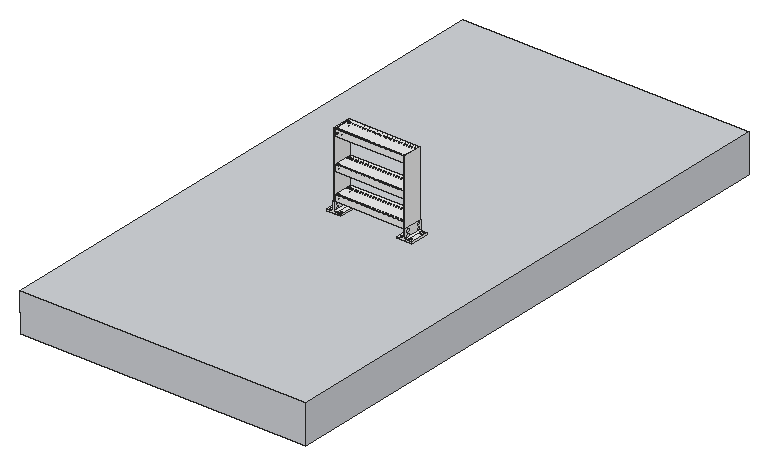
Revit family
Parameters (values of type "24" Projection")
  Warranty = "http://www.alllite-louvers.com/catalog/All-Lite-Warranty.pdf"
  URL = "http://www.alllite-louvers.com"
  Support Height = Projection - 5" + 1 1/32"  # 20 1/32"
  Strut/Shroud = Extruded Aluminum
  Strut = no
  Specifications = "http://www.alllite-louvers.com/catalog/ssr-645-csi%20specification.doc"
  SmartBIM Object Version = 3  # constant formula
  SmartBIM Object Created By = "Reed Construction Data"  # constant formula
  Shroud = no
  Projection = 24"
  Product URL = "http://www.alllite-louvers.com/catalog.php?model=SSR-645"
  Outrigger Spacing = 24"
  Outrigger Material = Extruded Aluminum
  Outrigger = "6” high x 0.250” thick plate with flat front."  # constant formula
  Mounting Bracket = "Exposed."  # constant formula
  Model Number = "SSR-645"  # constant formula
  Model = ""
  Minimum Size = "12\""
  Maximum Size - Single Section = "96\""
  Maximum Size - Multiple Section = "Unlimited"  # constant formula
  Material = "Mill finish 6063-T5 extruded aluminum."  # constant formula
  Manufacturer = "All-Lite"  # constant formula
  Fascia Material = Extruded Aluminum
  Fascia = "6” x 2” x 0.125” thick rectangular tube."  # constant formula
  Exposed Mounting Bracket = yes
  Default Elevation = 48"
  Cut Sheet = "http://www.alllite-louvers.com/catalog/SSR645.pdf"
  Concealed Mounting Bracket = not(Exposed Mounting Bracket)  # no
  Blades = "0.125” thick rectangular tube style."  # constant formula
  Blade Material = Extruded Aluminum
  Assembly Code = "B2010400"
  A = 45.00°
  95 CSI = "10700"  # constant formula
  04 CSI = "10 71 13"  # constant formula
Types (5): name | Support Height | Projection | Outrigger Spacing
  24" Projection | 20 1/32" | 24" | 24"
  36" Projection | 32 1/32" | 36" | 36"
  42" Projection | 38 1/32" | 42" | 42"
  48" Projection | 44 1/32" | 48" | 48"
  60" Projection | 56 1/32" | 60" | 60"
Reference planes (in)
  plane 1 "Center (Front/Back)": y = 0
  plane 2: z = 0
  plane 3 "Center (Left/Right)": x = 36
  plane 4: z = 24
  plane 5: x = 24
  plane 6: x = 48
  plane 7: x = 47.75
  plane 8: z = 19
Forms (in)
  Extrusion 1, solid
    sketch origin (0, 0, 0) x (1, 0, 0) y (0, 1, 0)
      loop
        line (-11.05284, 94.58626) -> (-11.05284, -79.70833) -> (79.04536, -79.70833) -> (79.04536, 94.58626) -> (-11.05284, 94.58626)
    from 0 to -12
Dimensions and locks (in)
  equal spacing: plane 5, plane 3 "Center (Left/Right)", plane 6
  "Outrigger Spacing": plane 5 to plane 6
  "Projection": plane 4 to level
  locked: plane 6 to plane 7 at 0.25
  locked: plane 4 to plane 8 at 5
  aligned and locked: Extrusion 1 to plane 2
  aligned and locked: level to Extrusion 1
  aligned and locked: plane 3 "Center (Left/Right)" to nested 1
  aligned and locked: nested 1 to plane 1 "Center (Front/Back)"
Automatic sketch dimensions
  Extrusion 1 sketch curve to Extrusion 1 sketch curve = 90.0982"
  Extrusion 1 sketch curve to Extrusion 1 sketch curve = 174.29459"
Nested families (in)
  nested 1: "Outrigger-With-Blades" at (36, 0, 0) x (0, 1, 0) z (0, 0, 1), type "Outrigger-With-Blades"
    with Sturt no
Definition of nested family "Outrigger-With-Blades"
  Parameters (values of type "Outrigger-With-Blades")
    Support Height = Projection - 5" + 1 1/32"  # 20 1/32"
    Support = Extruded Aluminum
    Sturt = yes
    Shroud = no
    Projection = 24"
    Outrigger Thickness = 1"
    Outrigger Spacing = 24"
    Outrigger Material = Extruded Aluminum
    Outrigger Hight = 4"
    Facia Material = Extruded Aluminum
    Exposed Mounting Bracket = yes
    Concealed Mounting Bracket = no
    Blade Material = Extruded Aluminum
    Assembly Code = ""
    #Of Blades = (Projection / 7 205/256") - 1  # 2
  Reference planes (in)
    plane 1 "Center (Front/Back)": y = 0
    plane 2: z = 0
    plane 3 "Center (Left/Right)": x = 0
    plane 4: z = 24
    plane 5: y = 12
    plane 6: y = -12
    plane 7: y = 11
    plane 8: y = -11
    plane 9: z = 14
    plane 10: x = 2
    plane 11: z = 11.5
    plane 12: y = 11.25
    plane 13: y = -11
    plane 14: y = -11.25
    plane 15: z = 22
  Forms (in)
    Extrusion 1, solid, material "Extruded Aluminum" <- "Outrigger Material"
      sketch origin (-26.08204, 12, 48) x (-1, 0, 0) y (0, 0, 1)
        loop
          line (-25.08204, -24) -> (-31.08204, -24) -> (-31.08204, -44.5) -> (-25.08204, -44.5) -> (-25.08204, -24)
      from -1 to -0.75
    Extrusion 2, solid, material "Extruded Aluminum" <- "Outrigger Material"
      sketch origin (-26.08204, -12, 48) x (-1, 0, 0) y (0, 0, -1)
        loop
          line (-25.08204, 24) -> (-25.08204, 44.5) -> (-31.08204, 44.5) -> (-31.08204, 24) -> (-25.08204, 24)
      from -0.75 to -1
  Dimensions and locks (in)
    "Projection": plane 4 to level
    equal spacing: plane 6, plane 1 "Center (Front/Back)", plane 5
    "Outrigger Spacing": plane 6 to plane 5
    "Outrigger Thickness": plane 5 to plane 7
    "Outrigger Thickness": plane 6 to plane 8
    plane 3 "Center (Left/Right)" to plane 10 = 2"
    equal spacing: Extrusion 2, plane 10, Extrusion 2
    locked: plane 12 to plane 7 at 0.25
    locked: plane 14 to plane 13 at 0.25
    locked: plane 11 to nested 1 at 8
    group 1 to group 2 = 0"  (x2)
    group 1 to group 2 = 8 1/2"
    locked: plane 15 to plane 9 at 8
    locked: plane 4 to plane 9 at 10
    nested 5 to nested 7 = 5"
    aligned and locked: nested 1 to plane 10
    aligned and locked: Extrusion 2 sketch curve to plane 4
    aligned and locked: plane 4 to Extrusion 1 sketch curve
    aligned and locked: plane 10 to nested 2
    aligned and locked: Extrusion 1 to plane 7
    aligned and locked: plane 12 to Extrusion 1
    aligned and locked: Extrusion 2 to plane 13
    aligned and locked: Extrusion 2 to plane 14
    aligned and locked: nested 2 to level
    aligned and locked: plane 7 to nested 2
    aligned and locked: plane 1 "Center (Front/Back)" to nested 1
    aligned and locked: level to nested 3
    aligned and locked: plane 13 to nested 3
    aligned and locked: nested 1 to Extrusion 2
    aligned and locked: plane 13 to plane 8
    aligned and locked: nested 5 to level
    aligned and locked: nested 5 to plane 3 "Center (Left/Right)"
    aligned and locked: plane 14 to nested 5
    aligned and locked: nested 6 to plane 12
    aligned and locked: level to nested 6
    aligned and locked: nested 6 to nested 5
    aligned and locked: nested 8 to nested 7
    aligned and locked: plane 12 to nested 8
    aligned and locked: plane 14 to nested 7
    aligned and locked: nested 8 to level
    aligned and locked: level to nested 7
    aligned and locked: plane 9 to nested 9
    aligned and locked: nested 9 to plane 10
    aligned and locked: plane 1 "Center (Front/Back)" to nested 9
    aligned and locked: plane 1 "Center (Front/Back)" to nested 4
    aligned and locked: plane 4 to nested 4
    aligned and locked: nested 4 to plane 10
    aligned and locked: Extrusion 2 sketch curve to Extrusion 1
  Automatic sketch dimensions
    level to Extrusion 1 sketch curve = 3 1/2"
    Extrusion 2 sketch curve to level = 3 1/2"
    Extrusion 1 sketch curve to plane 10 = 3"
    Extrusion 1 sketch curve to plane 3 "Center (Left/Right)" = 1"
    plane 3 "Center (Left/Right)" to Extrusion 2 sketch curve = 1"
  Nested families (in)
    nested 1: "Blade" at (-1, 0, 3.5), type "Blade"
    nested 2: "Bracket" at (2, 11.08568, 0) x (0, -1, 0) z (0, 0, 1), type "Bracket"
    nested 3: "Bracket" at (2, -11.08568, 0) x (0, 1, 0) z (0, 0, 1), type "Bracket"
    nested 4: "Blade" at (-1, 0, 22), type "Facia"
    nested 5: "Support" at (0.5, -11.87966, 0) x (0, -1, 0) z (0, 0, 1), type "Shroud Connection"
    nested 6: "Support" at (0.5, 11.87966, 0) x (0, 1, 0) z (0, 0, 1), type "Shroud Connection"
    nested 7: "Support" at (4.5, -11.75466, 0) x (0, -1, 0) z (0, 0, 1), type "Shroud Connection 2"
    nested 8: "Support" at (4.5, 11.87966, 0) x (0, 1, 0) z (0, 0, 1), type "Shroud Connection 2"
    nested 9: "Blade" at (-1, 0, 12), type "Blade"
  Definition of nested family "Blade"
    Parameters (values of type "Blade")
      Outrigger Thickness = 1"
      Outrigger Spacing = 24"
      Blade Material = Extruded Aluminum
      Assembly Code = ""
    Types (2): name
      Blade
      Facia
    Reference planes (in)
      plane 1 "Center (Front/Back)": y = 0
      plane 2: z = 0
      plane 3 "Center (Left/Right)": x = 0
      plane 4: y = -12
      plane 5: y = 12
      plane 6: y = 11
      plane 7: y = -11
      plane 8: x = 6
      plane 9: x = 3
      plane 10: z = 1
      plane 11: z = 2
    Forms (in)
      Extrusion 1, solid, material "Extruded Aluminum" <- "Blade Material"
        sketch origin (0, 0, 2) x (-0.707107, 0, -0.707107) y (0.707107, 0, -0.707107)
          loop
            line (-2.82843, 5.65685) -> (-4.24264, 4.24264) -> (0, 0) -> (1.41421, 1.41421) -> (-2.82843, 5.65685)
          loop
            line (-4.04806, 4.22484) -> (-3.54004, 3.71682)
            arc (-3.54004, 3.71682) -> (-3.52636, 3.91882) -> (-3.34017, 3.99838) r 0.19379
            arc (-3.34017, 3.99838) -> (-3.32021, 3.94412) -> (-3.35493, 3.89789) r 0.06047
            arc (-3.35493, 3.89789) -> (-3.45492, 3.8384) -> (-3.4171, 3.72838) r 0.09222
            arc (-3.4171, 3.72838) -> (-3.32265, 3.72654) -> (-3.27614, 3.80875) r 0.09222
            arc (-3.27614, 3.80875) -> (-3.22653, 3.86068) -> (-3.1746, 3.81107) r 0.05078
            arc (-3.1746, 3.81107) -> (-3.26609, 3.64203) -> (-3.45817, 3.63495) r 0.19379
            line (-3.45817, 3.63495) -> (-0.49064, 0.66742)
            arc (-0.49064, 0.66742) -> (-0.47696, 0.86942) -> (-0.29078, 0.94898) r 0.19379
            arc (-0.29078, 0.94898) -> (-0.27081, 0.89472) -> (-0.30553, 0.8485) r 0.06047
            arc (-0.30553, 0.8485) -> (-0.40552, 0.78901) -> (-0.3677, 0.67898) r 0.09222
            arc (-0.3677, 0.67898) -> (-0.27326, 0.67714) -> (-0.22674, 0.75936) r 0.09222
            arc (-0.22674, 0.75936) -> (-0.17713, 0.81128) -> (-0.1252, 0.76167) r 0.05078
            arc (-0.1252, 0.76167) -> (-0.21669, 0.59263) -> (-0.40877, 0.58555) r 0.19379
            line (-0.40877, 0.58555) -> (0, 0.17678) -> (1.23744, 1.41421) -> (0.82867, 1.82298)
            arc (0.82867, 1.82298) -> (0.82158, 1.63091) -> (0.65254, 1.53941) r 0.19379
            arc (0.65254, 1.53941) -> (0.60293, 1.59134) -> (0.65486, 1.64095) r 0.05078
            arc (0.65486, 1.64095) -> (0.73708, 1.68747) -> (0.73524, 1.78192) r 0.09222
            arc (0.73524, 1.78192) -> (0.62521, 1.81973) -> (0.56572, 1.71975) r 0.09222
            arc (0.56572, 1.71975) -> (0.51949, 1.68503) -> (0.46523, 1.70499) r 0.06047
            arc (0.46523, 1.70499) -> (0.54479, 1.89117) -> (0.74679, 1.90486) r 0.19379
            line (0.74679, 1.90486) -> (-2.22073, 4.87238)
            arc (-2.22073, 4.87238) -> (-2.22782, 4.6803) -> (-2.39685, 4.58881) r 0.19379
            arc (-2.39685, 4.58881) -> (-2.44647, 4.64074) -> (-2.39454, 4.69035) r 0.05078
            arc (-2.39454, 4.69035) -> (-2.31232, 4.73687) -> (-2.31416, 4.83131) r 0.09222
            arc (-2.31416, 4.83131) -> (-2.42419, 4.86913) -> (-2.48368, 4.76915) r 0.09222
            arc (-2.48368, 4.76915) -> (-2.52991, 4.73442) -> (-2.58417, 4.75439) r 0.06047
            arc (-2.58417, 4.75439) -> (-2.50461, 4.94057) -> (-2.3026, 4.95425) r 0.19379
            line (-2.3026, 4.95425) -> (-2.81062, 5.46227) -> (-4.04806, 4.22484)
        from -11 to 11
    Dimensions and locks (in)
      equal spacing: plane 4, plane 1 "Center (Front/Back)", plane 5
      "Outrigger Spacing": plane 5 to plane 4
      "Outrigger Thickness": plane 5 to plane 6
      "Outrigger Thickness": plane 4 to plane 7
      equal spacing: plane 11, plane 10, plane 2
      plane 11 to plane 2 = 2"
      equal spacing: plane 8, plane 9, plane 3 "Center (Left/Right)"
      plane 8 to plane 3 "Center (Left/Right)" = 6"
      aligned and locked: plane 7 to Extrusion 1
      aligned and locked: plane 6 to Extrusion 1
      aligned and locked: plane 8 to Extrusion 1
      aligned: Extrusion 1 to plane 11
    Automatic sketch dimensions
      Extrusion 1 sketch curve to Extrusion 1 sketch curve = 0"  (x81)
      Extrusion 1 sketch curve to Extrusion 1 sketch curve = 0.01781"  (x2)
      Extrusion 1 sketch curve to Extrusion 1 sketch curve = 0.36398"
      Extrusion 1 sketch curve to Extrusion 1 sketch curve = 13/256"  (x3)
      Extrusion 1 sketch curve to Extrusion 1 sketch curve = 0.06404"
      Extrusion 1 sketch curve to Extrusion 1 sketch curve = 0.01476"  (x2)
      Extrusion 1 sketch curve to Extrusion 1 sketch curve = 0.0134"
      Extrusion 1 sketch curve to Extrusion 1 sketch curve = 0.03987"  (x2)
      Extrusion 1 sketch curve to Extrusion 1 sketch curve = 0.04877"  (x2)
      Extrusion 1 sketch curve to Extrusion 1 sketch curve = 0.04107"  (x2)
      Extrusion 1 sketch curve to Extrusion 1 sketch curve = 0.08187"  (x4)
      Extrusion 1 sketch curve to Extrusion 1 sketch curve = 0.50802"
      Extrusion 1 sketch curve to Extrusion 1 sketch curve = 0.19458"
      Extrusion 1 sketch curve to Extrusion 1 sketch curve = 0.22646"
      Extrusion 1 sketch curve to Extrusion 1 sketch curve = 0.04547"  (x2)
      Extrusion 1 sketch curve to Extrusion 1 sketch curve = 0.05501"  (x2)
      Extrusion 1 sketch curve to Extrusion 1 sketch curve = 0.08683"  (x2)
      Extrusion 1 sketch curve to Extrusion 1 sketch curve = 0.00116"  (x2)
      Extrusion 1 sketch curve to Extrusion 1 sketch curve = 0.0021"
      Extrusion 1 sketch curve to Extrusion 1 sketch curve = 0.07828"  (x2)
      Extrusion 1 sketch curve to Extrusion 1 sketch curve = 0.01156"  (x2)
      Extrusion 1 sketch curve to Extrusion 1 sketch curve = 0.09343"  (x4)
      Extrusion 1 sketch curve to Extrusion 1 sketch curve = 2.68396"
      Extrusion 1 sketch curve to Extrusion 1 sketch curve = 0.03706"
      Extrusion 1 sketch curve to Extrusion 1 sketch curve = 0.02511"
      Extrusion 1 sketch curve to Extrusion 1 sketch curve = 0.0922"
      Extrusion 1 sketch curve to Extrusion 1 sketch curve = 0.40877"  (x2)
      Extrusion 1 sketch curve to Extrusion 1 sketch curve = 0.94898"
      Extrusion 1 sketch curve to Extrusion 1 sketch curve = 0.09124"
      Extrusion 1 sketch curve to Extrusion 1 sketch curve = 0.17678"  (x2)
      Extrusion 1 sketch curve to Extrusion 1 sketch curve = 0.28357"
      Extrusion 1 sketch curve to Extrusion 1 sketch curve = 0.6077"
      Extrusion 1 sketch curve to Extrusion 1 sketch curve = 0.36544"
      Extrusion 1 sketch curve to level = 0"  (x2)
      Extrusion 1 sketch curve to plane 3 "Center (Left/Right)" = 0"
  Definition of nested family "Bracket"
    Parameters (values of type "Bracket")
      Mounting Bracket = Extruded Aluminum
      Exposed Mounting Bracket = yes
      Concealed Mounting Bracket = no
      Assembly Code = ""
    Reference planes (in)
      plane 1 "Center (Front/Back)": y = 0
      plane 2: z = 0
      plane 3 "Center (Left/Right)": x = 0
      plane 4: x = 0.25
      plane 5: x = -0.25
      plane 6: y = 3
      plane 7: y = -3
      plane 8: x = 0.08568
    Forms (in)
      Extrusion 1, solid, material "Extruded Aluminum" <- "Mounting Bracket", visible <- "Exposed Mounting Bracket"
        sketch origin (0, -3, 0) x (1, 0, 0) y (0, 0, -1)
          loop
            line (2.25, 0) -> (-2.25, 0) -> (-2.25, -0.5) -> (-0.00282, -0.5) -> (2.25, -0.5) -> (2.25, 0)
        from 0 to 6
      Extrusion 2, solid, material "Extruded Aluminum" <- "Mounting Bracket", visible <- "Exposed Mounting Bracket"
        sketch origin (0, -3.34375, 0) x (0, 0, -1) y (0, 1, 0)
          loop
            line (-1.59929, 0.7982) -> (-1.13119, 0.7982) -> (-0.89714, 1.20359) -> (-1.13119, 1.60898) -> (-1.59929, 1.60898) -> (-1.83334, 1.20359) -> (-1.59929, 0.7982)
          loop
            line (-3.01381, 5.00546) -> (-2.54571, 5.00546) -> (-2.31166, 5.41085) -> (-2.54571, 5.81624) -> (-3.01381, 5.81624) -> (-3.24786, 5.41085) -> (-3.01381, 5.00546)
          loop
            line (-1.59929, 5.00546) -> (-1.13119, 5.00546) -> (-0.89714, 5.41085) -> (-1.13119, 5.81624) -> (-1.59929, 5.81624) -> (-1.83334, 5.41085) -> (-1.59929, 5.00546)
          loop
            line (-3.24786, 1.20359) -> (-3.01381, 0.7982) -> (-2.54571, 0.7982) -> (-2.31166, 1.20359) -> (-2.54571, 1.60898) -> (-3.01381, 1.60898) -> (-3.24786, 1.20359)
        from 0.25 to 0.30086
      Extrusion 3, solid, material "Extruded Aluminum" <- "Mounting Bracket", visible <- "Exposed Mounting Bracket"
        sketch origin (0, -3.34375, 0) x (0, 0, -1) y (0, -1, 0)
          loop
            line (-3.01381, -0.7982) -> (-3.24786, -1.20359) -> (-3.01381, -1.60898) -> (-2.54571, -1.60898) -> (-2.31166, -1.20359) -> (-2.54571, -0.7982) -> (-3.01381, -0.7982)
          loop
            line (-1.59929, -0.7982) -> (-1.83334, -1.20359) -> (-1.59929, -1.60898) -> (-1.13119, -1.60898) -> (-0.89714, -1.20359) -> (-1.13119, -0.7982) -> (-1.59929, -0.7982)
          loop
            line (-3.01381, -5.00546) -> (-3.24786, -5.41085) -> (-3.01381, -5.81624) -> (-2.54571, -5.81624) -> (-2.31166, -5.41085) -> (-2.54571, -5.00546) -> (-3.01381, -5.00546)
          loop
            line (-1.59929, -5.00546) -> (-1.83334, -5.41085) -> (-1.59929, -5.81624) -> (-1.13119, -5.81624) -> (-0.89714, -5.41085) -> (-1.13119, -5.00546) -> (-1.59929, -5.00546)
        from 0.25 to 0.28853
      Extrusion 4, solid, material "Extruded Aluminum" <- "Mounting Bracket", visible <- "Exposed Mounting Bracket"
        sketch origin (-4.22137, -3.34375, 0.875) x (-1, 0, 0) y (0, -1, 0)
          loop
            line (-3.20131, -0.6325) -> (-3.43536, -1.03789) -> (-3.20131, -1.44328) -> (-2.73321, -1.44328) -> (-2.49916, -1.03789) -> (-2.73321, -0.6325) -> (-3.20131, -0.6325)
          loop
            line (-3.20131, -5.00017) -> (-3.43536, -5.40556) -> (-3.20131, -5.81094) -> (-2.73321, -5.81094) -> (-2.49916, -5.40556) -> (-2.73321, -5.00017) -> (-3.20131, -5.00017)
        from -0.375 to -0.32394
      Extrusion 5, solid, material "Extruded Aluminum" <- "Mounting Bracket", visible <- "Exposed Mounting Bracket"
        sketch origin (4.22137, -3.34375, 0.875) x (1, 0, 0) y (0, 1, 0)
          loop
            line (-3.20131, 0.6325) -> (-2.73321, 0.6325) -> (-2.49916, 1.03789) -> (-2.73321, 1.44328) -> (-3.20131, 1.44328) -> (-3.43536, 1.03789) -> (-3.20131, 0.6325)
          loop
            line (-3.20131, 5.01567) -> (-2.73321, 5.01567) -> (-2.49916, 5.42105) -> (-2.73321, 5.82644) -> (-3.20131, 5.82644) -> (-3.43536, 5.42105) -> (-3.20131, 5.01567)
        from -0.375 to -0.32394
      Extrusion 6, solid, material "Extruded Aluminum" <- "Mounting Bracket", visible <- "Exposed Mounting Bracket"
        sketch origin (0, 3, 0) x (1, 0, 0) y (0, 0, -1)
          loop
            line (0.25202, -3.5) -> (0.25202, -1)
            arc (0.25202, -1) -> (0.39847, -0.64645) -> (0.75202, -0.5) r 0.5
            line (0.75202, -0.5) -> (-0.74798, -0.5)
            arc (-0.74798, -0.5) -> (-0.39443, -0.64645) -> (-0.24798, -1) r 0.5
            line (-0.24798, -1) -> (-0.24798, -3.5) -> (0.25202, -3.5)
        from -6 to 0
      Extrusion 7, solid, material "Extruded Aluminum" <- "Mounting Bracket", visible <- "Concealed Mounting Bracket"
        sketch origin (0, -3, 0) x (-1, 0, 0) y (0, 0, -1)
          loop
            line (-0.25202, -3.5) -> (0.24798, -3.5) -> (0.24798, 0) -> (-0.25202, 0) -> (-0.25202, -3.5)
        from -6 to 0
      Extrusion 8, solid, material "Extruded Aluminum" <- "Mounting Bracket", visible <- "Concealed Mounting Bracket"
        sketch origin (0, -3.36054, -0.0229) x (0, 0, -1) y (0, 1, 0)
          loop
            line (-2.56861, 5.02225) -> (-2.33456, 5.42764) -> (-2.56861, 5.83303) -> (-3.03671, 5.83303) -> (-3.27076, 5.42764) -> (-3.03671, 5.02225) -> (-2.56861, 5.02225)
          loop
            line (-1.15409, 5.02225) -> (-0.92004, 5.42764) -> (-1.15409, 5.83303) -> (-1.62219, 5.83303) -> (-1.85624, 5.42764) -> (-1.62219, 5.02225) -> (-1.15409, 5.02225)
          loop
            line (-1.15409, 0.81499) -> (-0.92004, 1.22038) -> (-1.15409, 1.62577) -> (-1.62219, 1.62577) -> (-1.85624, 1.22038) -> (-1.62219, 0.81499) -> (-1.15409, 0.81499)
          loop
            line (-2.56861, 0.81499) -> (-2.33456, 1.22038) -> (-2.56861, 1.62577) -> (-3.03671, 1.62577) -> (-3.27076, 1.22038) -> (-3.03671, 0.81499) -> (-2.56861, 0.81499)
        from 0.25 to 0.30086
      Extrusion 9, solid, material "Extruded Aluminum" <- "Mounting Bracket", visible <- "Concealed Mounting Bracket"
        sketch origin (0, -3.34547, -0.02596) x (0, 0, -1) y (0, -1, 0)
          loop
            line (-2.57167, -5.00718) -> (-3.03977, -5.00718) -> (-3.27382, -5.41257) -> (-3.03977, -5.81796) -> (-2.57167, -5.81796) -> (-2.33762, -5.41257) -> (-2.57167, -5.00718)
          loop
            line (-1.15715, -5.00718) -> (-1.62525, -5.00718) -> (-1.8593, -5.41257) -> (-1.62525, -5.81796) -> (-1.15715, -5.81796) -> (-0.9231, -5.41257) -> (-1.15715, -5.00718)
          loop
            line (-1.15715, -0.79993) -> (-1.62525, -0.79993) -> (-1.8593, -1.20531) -> (-1.62525, -1.6107) -> (-1.15715, -1.6107) -> (-0.9231, -1.20531) -> (-1.15715, -0.79993)
          loop
            line (-2.57167, -0.79993) -> (-3.03977, -0.79993) -> (-3.27382, -1.20531) -> (-3.03977, -1.6107) -> (-2.57167, -1.6107) -> (-2.33762, -1.20531) -> (-2.57167, -0.79993)
        from 0.25 to 0.28853
    Cuts and joins
      joined: Extrusion 1, Extrusion 6
    Dimensions and locks (in)
      equal spacing: plane 6, plane 1 "Center (Front/Back)", plane 7
      locked: plane 6 to plane 7 at 6
      aligned and locked: Extrusion 4 to Extrusion 1
      aligned and locked: Extrusion 5 to Extrusion 1
      aligned and locked: Extrusion 1 to plane 7
      aligned and locked: Extrusion 1 to plane 6
      aligned and locked: Extrusion 1 to Extrusion 6
      aligned and locked: Extrusion 6 to Extrusion 1
      aligned and locked: Extrusion 7 to Extrusion 1
      aligned and locked: Extrusion 1 to Extrusion 7
      aligned: Extrusion 2 sketch curve to Extrusion 9  (x6)
    Automatic sketch dimensions
      Extrusion 1 sketch curve to level = 0"
      plane 5 to Extrusion 1 sketch curve = 0.24718"
      level to Extrusion 1 sketch curve = 1/2"
      Extrusion 1 sketch curve to Extrusion 1 sketch curve = 2.25282"
      plane 7 to Extrusion 3 sketch curve = 0.85984"  (x4)
      level to Extrusion 3 sketch curve = 3.24786"  (x2)
      plane 6 to Extrusion 3 sketch curve = 0.9329"  (x4)
      plane 6 to Extrusion 3 sketch curve = 1.33829"
      Extrusion 3 sketch curve to Extrusion 3 sketch curve = 0.23405"  (x12)
      plane 6 to Extrusion 3 sketch curve = 0.52751"  (x2)
      plane 7 to Extrusion 3 sketch curve = 0.45445"  (x2)
      Extrusion 3 sketch curve to Extrusion 3 sketch curve = 0.4681"  (x8)
      plane 7 to Extrusion 3 sketch curve = 1.26523"
      Extrusion 3 sketch curve to Extrusion 3 sketch curve = 0.47831"  (x2)
      Extrusion 3 sketch curve to Extrusion 3 sketch curve = 0.40539"  (x2)
      Extrusion 4 sketch curve to plane 5 = 0.53601"  (x2)
      plane 6 to Extrusion 4 sketch curve = 0.53281"
      Extrusion 4 sketch curve to Extrusion 4 sketch curve = 0.23405"  (x6)
      plane 7 to Extrusion 4 sketch curve = 0.28875"
      Extrusion 4 sketch curve to Extrusion 4 sketch curve = 0.4681"  (x4)
      plane 6 to Extrusion 4 sketch curve = 0.93819"  (x2)
      plane 7 to Extrusion 4 sketch curve = 0.69414"  (x2)
      Extrusion 4 sketch curve to Extrusion 4 sketch curve = 0.40539"  (x2)
      Extrusion 5 sketch curve to plane 4 = 0.53601"  (x2)
      plane 6 to Extrusion 5 sketch curve = 0.51731"
      Extrusion 5 sketch curve to Extrusion 5 sketch curve = 0.23405"  (x6)
      plane 7 to Extrusion 5 sketch curve = 0.28875"
      Extrusion 5 sketch curve to Extrusion 5 sketch curve = 0.4681"  (x4)
      plane 6 to Extrusion 5 sketch curve = 0.9227"  (x2)
      plane 7 to Extrusion 5 sketch curve = 0.69414"  (x2)
      Extrusion 5 sketch curve to Extrusion 5 sketch curve = 0.40539"
      plane 6 to Extrusion 5 sketch curve = 1.32808"
      plane 6 to Extrusion 2 sketch curve = 0.9329"  (x4)
      plane 6 to Extrusion 2 sketch curve = 1.33829"
      Extrusion 2 sketch curve to Extrusion 2 sketch curve = 0.23405"  (x12)
      plane 6 to Extrusion 2 sketch curve = 0.52751"  (x2)
      Extrusion 2 sketch curve to Extrusion 2 sketch curve = 0.4681"  (x8)
      Extrusion 2 sketch curve to Extrusion 2 sketch curve = 0.47831"
      plane 7 to Extrusion 2 sketch curve = 0.85984"  (x3)
      plane 7 to Extrusion 2 sketch curve = 0.45445"  (x2)
      Extrusion 2 sketch curve to Extrusion 2 sketch curve = 0.40539"  (x3)
      Extrusion 1 sketch curve to plane 5 = 2"
      Extrusion 6 sketch curve to Extrusion 1 = 0"
      Extrusion 6 sketch curve to Extrusion 1 = 1.50202"
      Extrusion 6 sketch curve to Extrusion 1 = 2.00202"
      Extrusion 6 sketch curve to Extrusion 6 sketch curve = 1/2"  (x2)
      Extrusion 6 sketch curve to Extrusion 6 sketch curve = 2 1/2"
      Extrusion 7 sketch curve to Extrusion 6 = 0"  (x2)
      Extrusion 6 to Extrusion 7 sketch curve = 0"
      Extrusion 6 to Extrusion 7 sketch curve = 1/2"
      plane 6 to Extrusion 9 sketch curve = 0.9329"  (x2)
      level to Extrusion 9 sketch curve = 3.24786"
      plane 6 to Extrusion 9 sketch curve = 1.33829"
      Extrusion 9 sketch curve to Extrusion 9 sketch curve = 0.23405"  (x12)
      plane 6 to Extrusion 9 sketch curve = 0.52751"  (x2)
      Extrusion 9 sketch curve to Extrusion 9 sketch curve = 0.4681"  (x8)
      Extrusion 9 sketch curve to Extrusion 9 sketch curve = 0.47831"
      Extrusion 9 sketch curve to Extrusion 9 sketch curve = 0.40539"  (x5)
      plane 7 to Extrusion 9 sketch curve = 0.85984"  (x3)
      level to Extrusion 9 sketch curve = 1.83334"
      plane 7 to Extrusion 9 sketch curve = 0.45445"  (x2)
      Extrusion 9 sketch curve to Extrusion 9 sketch curve = 1.41452"
      plane 7 to Extrusion 9 sketch curve = 1.26523"
      level to Extrusion 8 sketch curve = 3.24786"
      plane 6 to Extrusion 8 sketch curve = 0.9329"  (x2)
      plane 6 to Extrusion 8 sketch curve = 1.33829"
      Extrusion 8 sketch curve to Extrusion 8 sketch curve = 0.23405"  (x12)
      plane 6 to Extrusion 8 sketch curve = 0.52751"  (x2)
      Extrusion 8 sketch curve to Extrusion 8 sketch curve = 0.4681"  (x8)
      Extrusion 8 sketch curve to Extrusion 8 sketch curve = 0.47831"
      Extrusion 8 sketch curve to Extrusion 8 sketch curve = 0.81078"
      Extrusion 8 sketch curve to Extrusion 8 sketch curve = 0.40539"  (x4)
      level to Extrusion 8 sketch curve = 1.83334"
      plane 7 to Extrusion 8 sketch curve = 0.85984"  (x3)
      plane 7 to Extrusion 8 sketch curve = 0.45445"  (x2)
      Extrusion 8 sketch curve to Extrusion 8 sketch curve = 1.41452"
      plane 7 to Extrusion 8 sketch curve = 1.26523"
      level to Extrusion 2 sketch curve = 3.24786"
      level to Extrusion 2 sketch curve = 1.83334"
      Extrusion 2 sketch curve to Extrusion 2 sketch curve = 1.41452"
      plane 7 to Extrusion 2 sketch curve = 1.26523"
  Definition of nested family "Support"
    Parameters (values of type "Shroud Connection")
      Support = Extruded Aluminum
      Sturt/Shroud = yes
      Height = 20 1/32"
      Assembly Code = ""
      A = 45.00°
    Types (2): name | Sturt/Shroud
      Shroud Connection | yes
      Shroud Connection 2 | no
    Reference planes (in)
      plane 1 "Center (Front/Back)": y = 0
      plane 2: z = 0
      plane 3 "Center (Left/Right)": x = 0
      plane 4: z = 20.03125
      plane 5: x = -0.50466
      plane 6: x = -0.62966
      plane 7: y = -0.5
    Forms (in)
      Extrusion 1, solid, material "Extruded Aluminum" <- "Support", visible <- "Sturt/Shroud"
        sketch origin (0, 0, 20.03125) x (0, -0.707107, -0.707107) y (0, 0.707107, -0.707107)
          loop
            line (26.7607, 1.39128) -> (28.21923, -0.06725) -> (28.35842, -0.02996) -> (26.84894, 1.47953) -> (26.7607, 1.39128)
        from -1.48806 to 0.27601
      Extrusion 2, solid, material "Extruded Aluminum" <- "Support", visible <- "Sturt/Shroud"
        sketch origin (0, -12.00474, 20.03125) x (0, -0.707107, -0.707107) y (0, 0.707107, -0.707107)
          loop
            line (18.27541, 9.87656) -> (17.35522, 8.95637) -> (17.35522, 8.08532) -> (17.79677, 7.71752) -> (19.7306, 8.42138) -> (18.27541, 9.87656)
        from -0.62966 to -0.50466
      Revolve 3, solid, material "Extruded Aluminum" <- "Support", visible <- "Sturt/Shroud"
        sketch origin (-0.57205, 0, 36) x (0, -0.707107, -0.707107) y (0, 0.707107, -0.707107)
          loop
            line (37.13546, 10.8883) -> (37.0901, 11.29161) -> (13.8351, 11.29161) -> (13.8351, 10.8883) -> (15.78974, 10.8883) -> (15.82915, 10.92771) -> (15.98297, 10.92771) -> (15.98297, 11.08153) -> (17.63657, 11.08153) -> (17.63657, 10.94864) -> (33.36237, 10.94864) -> (33.36237, 11.08153) -> (35.01597, 11.08153) -> (35.01597, 10.92771) -> (35.1698, 10.92771) -> (35.20921, 10.8883) -> (37.13546, 10.8883)
          axis (13.8351, 11.29161) -> (37.13546, 11.29161)
        angle from 0 to 360
      Extrusion 4, solid, material "Extruded Aluminum" <- "Support", visible <- "Sturt/Shroud"
        sketch origin (0, 0, 20.03125) x (0, -0.707107, -0.707107) y (0, 0.707107, -0.707107)
          loop
            line (25.84385, 0.40331) -> (25.84385, -0.40331) -> (26.36176, -0.40331)
            arc (26.36176, -0.40331) -> (26.76507, 0) -> (26.36176, 0.40331) r 0.40331
            line (26.36176, 0.40331) -> (25.84385, 0.40331)
          loop
            circle (26.24247, 0) r 0.25
        from -0.50466 to -0.39838
      Extrusion 5, solid, material "Extruded Aluminum" <- "Support", visible <- "Sturt/Shroud"
        sketch origin (0, 0, 20.03125) x (0, -0.707107, -0.707107) y (0, 0.707107, -0.707107)
          loop
            line (25.84385, 0.40331) -> (25.84385, -0.40331) -> (26.36176, -0.40331)
            arc (26.36176, -0.40331) -> (26.76507, 0) -> (26.36176, 0.40331) r 0.40331
            line (26.36176, 0.40331) -> (25.84385, 0.40331)
          loop
            circle (26.24247, 0) r 0.25
        from -0.72204 to -0.62966
      Extrusion 6, solid, material "Extruded Aluminum" <- "Support", visible <- "Sturt/Shroud"
        sketch origin (0, 0, 20.03125) x (0, -0.707107, -0.707107) y (0, 0.707107, -0.707107)
          loop
            line (2.54349, 0.40331) -> (2.02558, 0.40331)
            arc (2.02558, 0.40331) -> (1.62227, 0) -> (2.02558, -0.40331) r 0.40331
            line (2.02558, -0.40331) -> (2.54349, -0.40331) -> (2.54349, 0.40331)
          loop
            circle (2.18595, 0) r 0.24295
        from -0.50466 to -0.39838
      Extrusion 7, solid, material "Extruded Aluminum" <- "Support", visible <- "Sturt/Shroud"
        sketch origin (0, 0, 20.03125) x (0, -0.707107, -0.707107) y (0, 0.707107, -0.707107)
          loop
            line (2.54349, 0.40331) -> (2.02558, 0.40331)
            arc (2.02558, 0.40331) -> (1.62227, 0) -> (2.02558, -0.40331) r 0.40331
            line (2.02558, -0.40331) -> (2.54349, -0.40331) -> (2.54349, 0.40331)
          loop
            circle (2.18595, 0) r 0.24295
        from -0.72204 to -0.62966
      Extrusion 8, solid, material "Extruded Aluminum" <- "Support", visible <- "Sturt/Shroud"
        sketch origin (0, 0, 20.03125) x (0, -0.707107, -0.707107) y (0, 0.707107, -0.707107)
          loop
            line (2.71645, 0.23035) -> (-1.5318, 4.47861) -> (-2.37002, 3.64038) -> (1.87823, -0.60787)
            arc (1.87823, -0.60787) -> (2.71645, -0.60787) -> (2.71645, 0.23035) r 0.59271
          loop
            circle (2.18595, 0) r 0.24295
          loop
            circle (1.09297, 1.09297) r 0.24295
          loop
            circle (-0.7955, 2.98144) r 0.24295
        from -0.62966 to -0.50466
    Cuts and joins
      joined: Extrusion 1, Extrusion 2
      joined: Extrusion 6, Extrusion 8
    Lines and regions (in)
      reference lines
        curve 1: line (0, 0, 20.03125) -> (0, -20.03125, 0)
    Dimensions and locks (in)
      "Height": level to plane 4
      "A": angle plane 1 "Center (Front/Back)" to curve 1
      aligned and locked: plane 4 to curve 1
      aligned and locked: plane 1 "Center (Front/Back)" to curve 1
      aligned and locked: level to curve 1
    Automatic sketch dimensions
      Extrusion 1 sketch curve to curve 1 = 1.56777"
      Extrusion 1 sketch curve to Extrusion 1 sketch curve = 0.08824"
      Extrusion 1 sketch curve to curve 1 = 0.10923"
      curve 1 to Extrusion 1 sketch curve = 0.02996"  (x2)
      curve 1 to Extrusion 1 sketch curve = 0.06725"
      Extrusion 2 sketch curve to curve 1 = 0.46774"
      Extrusion 2 sketch curve to curve 1 = 2.48462"
      curve 1 to Extrusion 2 sketch curve = 0.77111"
      Extrusion 2 sketch curve to Extrusion 2 sketch curve = 0.44155"
      Extrusion 2 sketch curve to Extrusion 2 sketch curve = 0.9202"
      Extrusion 2 sketch curve to curve 1 = 0.10923"
      curve 1 to Extrusion 2 sketch curve = 0.40331"
      curve 1 to Extrusion 2 sketch curve = 0.06725"
      Extrusion 4 sketch curve to curve 1 = 0"  (x2)
      Extrusion 4 sketch curve to curve 1 = 0.40331"
      Extrusion 4 sketch curve to curve 1 = 2.48462"
      Extrusion 4 sketch curve to Extrusion 4 sketch curve = 0.51791"
      Extrusion 6 sketch curve to curve 1 = 0"  (x2)
      Extrusion 6 sketch curve to curve 1 = 0.40331"
      curve 1 to Extrusion 6 sketch curve = 2.02558"
      Extrusion 6 sketch curve to Extrusion 6 sketch curve = 0.51791"
      Revolve 3 sketch curve to plane 1 "Center (Front/Back)" = 0"
      Revolve 3 sketch curve to plane 4 = 0"
      Revolve 3 sketch curve to level = 0"
      Revolve 3 sketch curve to Revolve 3 sketch curve = 2.54349"
      Revolve 3 sketch curve to Revolve 3 sketch curve = 1.95464"
      Revolve 3 sketch curve to Revolve 3 sketch curve = 0.03941"  (x2)
      Revolve 3 sketch curve to Revolve 3 sketch curve = 0.15382"  (x4)
      Revolve 3 sketch curve to Revolve 3 sketch curve = 1.6536"  (x2)
      Revolve 3 sketch curve to Revolve 3 sketch curve = 6.2577"
      Revolve 3 sketch curve to Revolve 3 sketch curve = 1.88089"
      Revolve 3 sketch curve to Revolve 3 sketch curve = 0.04536"
      Revolve 3 sketch curve to Revolve 3 sketch curve = 0"
      Revolve 3 sketch curve to Revolve 3 sketch curve = 0.21008"  (x2)
      Revolve 3 sketch curve to Revolve 3 sketch curve = 0.13289"
      Revolve 3 sketch curve to Revolve 3 sketch curve = 0.40331"  (x2)
      Extrusion 5 sketch curve to curve 1 = 0"  (x2)
      curve 1 to Extrusion 5 sketch curve = 0.40331"
      Extrusion 5 sketch curve to curve 1 = 2.48462"
      Extrusion 5 sketch curve to Extrusion 5 sketch curve = 0.39862"
      Extrusion 5 sketch curve to Extrusion 5 sketch curve = 0.11929"
      Extrusion 4 sketch curve to Extrusion 4 sketch curve = 0.36929"
      Extrusion 4 sketch curve to Extrusion 4 sketch curve = 0.11929"
      Extrusion 7 sketch curve to curve 1 = 0"  (x2)
      Extrusion 7 sketch curve to curve 1 = 0.40331"
      curve 1 to Extrusion 7 sketch curve = 2.02558"
      Extrusion 7 sketch curve to Extrusion 7 sketch curve = 0.16036"
      Extrusion 7 sketch curve to Extrusion 7 sketch curve = 0.51791"
      Extrusion 6 sketch curve to Extrusion 6 sketch curve = 0.08259"
      Extrusion 6 sketch curve to Extrusion 6 sketch curve = 0.16036"
      Extrusion 8 sketch curve to Extrusion 8 sketch curve = 0"  (x6)
      Extrusion 8 sketch curve to curve 1 = 0.7955"
      Extrusion 8 sketch curve to curve 1 = 0"
      curve 1 to Extrusion 8 sketch curve = 2.98144"
      Extrusion 8 sketch curve to curve 1 = 1.03845"
      Extrusion 8 sketch curve to curve 1 = 1.5318"
      Extrusion 8 sketch curve to Extrusion 8 sketch curve = 0.83822"
      curve 1 to Extrusion 8 sketch curve = 0.85002"
      Extrusion 8 sketch curve to Extrusion 8 sketch curve = 0.24295"  (x2)
      curve 1 to Extrusion 8 sketch curve = 0.60787"
      Extrusion 8 sketch curve to Extrusion 8 sketch curve = 0.5423"
      Extrusion 8 sketch curve to Extrusion 8 sketch curve = 0.06477"
      curve 1 to Extrusion 8 sketch curve = 0.18876"
      Extrusion 8 sketch curve to Extrusion 8 sketch curve = 0.11139"
      Extrusion 8 sketch curve to curve 1 = 0.23035"
      Extrusion 8 sketch curve to curve 1 = 1.09297"
      radius of Extrusion 5 sketch curve = 1/4"
      radius of Extrusion 7 sketch curve = 0.24295"
